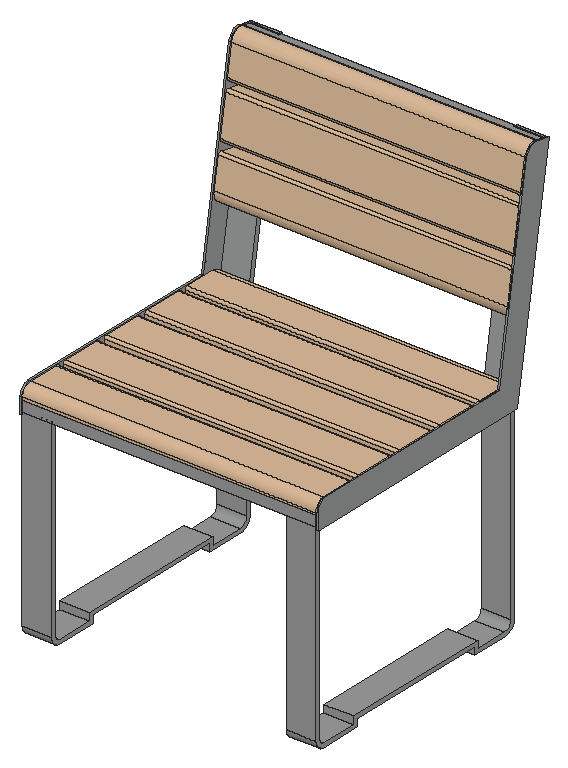
Revit family "1203-S-L", category Meble, Revit 2021
Family settings
  Numer OmniClass = 23.40.20.00
  Tytuł OmniClass = General Furniture and Specialties
  Oparty na płaszczyźnie roboczej = Nie
  Zawsze pionowo = Tak
  Tnij formami wycięć po wczytaniu = Nie
  Współdzielony = Nie
  Punkt obliczania pomieszczeń = Nie
Parameters (values of type "1203-S-L")
  wood = Mobilis Design Wood - Larch
  metal = Mobilis Design RAL 9023
  Width = "50  cm"
  Weight = "40 kg"
  URL = ""
  Seat height = "45 cm"
  Product line = "Tucana"
  Product Groups = ""
  Manufacturer = ""
  Keynote = ""
  Description = ""
  Model = "1203-S-L"
  Material = ""
  Maintenance = ""
  Lenght = "60 cm"
  Type Comments = ""
  Mobilis Design Materials = ""
  Hosted on = ""
  Height = "86 cm"
  Domyślna rzędna = 0 mm
  Copyright = "All designs and drawings are the common intellectual property of Lars Laj A/S and Tress and are protected by Danish and international copyright laws."
Reference planes
  plane 1 "front": y = 0
  plane 2: z = 0
  plane 3 "Środek (Lewa/Prawa)": x = 0
Forms (mm)
  Extrusion 1, solid, material "Mobilis Design Wood - Larch" <- "wood"
    sketch origin (0, -308.233, 21.46) x (0, 1, 0) y (0, 0, 1)
      loop
        arc (260.118, 430.04) -> (256.583, 428.576) -> (255.118, 425.04) r 5
        line (255.118, 425.04) -> (255.118, 388.972)
        arc (255.118, 388.972) -> (255.693, 387.586) -> (257.078, 387.012) r 1.96
        line (257.078, 387.012) -> (342.493, 387.012)
        arc (342.493, 387.012) -> (343.908, 387.598) -> (344.493, 389.012) r 2
        line (344.493, 389.012) -> (344.493, 425.04)
        arc (344.493, 425.04) -> (343.029, 428.576) -> (339.493, 430.04) r 5
        line (339.493, 430.04) -> (260.118, 430.04)
    from -295.625 to 295.625
  Extrusion 2, solid, material "Mobilis Design Wood - Larch" <- "wood"
    sketch origin (0, -410.683, 21.46) x (0, 1, 0) y (0, 0, 1)
      loop
        arc (260.118, 430.04) -> (256.583, 428.576) -> (255.118, 425.04) r 5
        line (255.118, 425.04) -> (255.118, 388.972)
        arc (255.118, 388.972) -> (255.693, 387.586) -> (257.078, 387.012) r 1.96
        line (257.078, 387.012) -> (342.493, 387.012)
        arc (342.493, 387.012) -> (343.908, 387.598) -> (344.493, 389.012) r 2
        line (344.493, 389.012) -> (344.493, 425.04)
        arc (344.493, 425.04) -> (343.029, 428.576) -> (339.493, 430.04) r 5
        line (339.493, 430.04) -> (260.118, 430.04)
    from -295.625 to 295.625
  Extrusion 3, solid, material "Mobilis Design Wood - Larch" <- "wood"
    sketch origin (0, -513.183, 21.46) x (0, 1, 0) y (0, 0, 1)
      loop
        arc (275.801, 430.04) -> (261.548, 424.097) -> (255.741, 409.787) r 20.061
        line (255.741, 409.787) -> (255.741, 405.469) -> (259.281, 405.469) -> (259.281, 387.013) -> (343.118, 387.013)
        arc (343.118, 387.013) -> (344.532, 387.598) -> (345.117, 389.012) r 1.999
        line (345.117, 389.012) -> (345.117, 425.043)
        arc (345.117, 425.043) -> (343.653, 428.577) -> (340.119, 430.04) r 4.998
        line (340.119, 430.04) -> (275.801, 430.04)
    from -295.625 to 295.625
  Extrusion 4, solid, material "Mobilis Design Wood - Larch" <- "wood"
    sketch origin (0, -205.683, 23.25) x (0, 1, 0) y (0, 0, 1)
      loop
        arc (260.118, 428.25) -> (256.583, 426.786) -> (255.118, 423.25) r 5
        line (255.118, 423.25) -> (255.118, 387.182)
        arc (255.118, 387.182) -> (255.693, 385.796) -> (257.078, 385.222) r 1.96
        line (257.078, 385.222) -> (342.493, 385.222)
        arc (342.493, 385.222) -> (343.908, 385.808) -> (344.493, 387.222) r 2
        line (344.493, 387.222) -> (344.493, 423.25)
        arc (344.493, 423.25) -> (343.029, 426.786) -> (339.493, 428.25) r 5
        line (339.493, 428.25) -> (260.118, 428.25)
    from -295.625 to 295.625
  Extrusion 5, solid, material "Mobilis Design Wood - Larch" <- "wood"
    sketch origin (0, 635.521, 450.045) x (0, 0.173648, 0.984808) y (0, -0.984808, 0.173648)
      loop
        arc (260.118, 430.036) -> (256.583, 428.571) -> (255.118, 425.036) r 5
        line (255.118, 425.036) -> (255.118, 389.305)
        arc (255.118, 389.305) -> (255.693, 387.919) -> (257.078, 387.345) r 1.96
        line (257.078, 387.345) -> (340.844, 387.345) -> (341.158, 405.34) -> (343.808, 405.34)
        arc (343.808, 405.34) -> (338.282, 422.627) -> (321.714, 430.036) r 22.231
        line (321.714, 430.036) -> (260.118, 430.036)
    from -295.625 to 295.625
  Extrusion 6, solid, material "Mobilis Design Wood - Larch" <- "wood"
    sketch origin (0, 617.45, 348.398) x (0, 0.173648, 0.984808) y (0, -0.984808, 0.173648)
      loop
        arc (260.118, 429.703) -> (256.583, 428.239) -> (255.118, 424.703) r 5
        line (255.118, 424.703) -> (255.118, 388.972)
        arc (255.118, 388.972) -> (255.693, 387.586) -> (257.078, 387.012) r 1.96
        line (257.078, 387.012) -> (342.493, 387.012)
        arc (342.493, 387.012) -> (343.908, 387.598) -> (344.493, 389.012) r 2
        line (344.493, 389.012) -> (344.493, 424.703)
        arc (344.493, 424.703) -> (343.029, 428.239) -> (339.493, 429.703) r 5
        line (339.493, 429.703) -> (260.118, 429.703)
    from -295.625 to 295.625
  Extrusion 7, solid, material "Mobilis Design RAL 9023" <- "metal", not visible
    sketch origin (0, 0, 0) x (0, 1, 0) y (0, 0, 1)
      loop
        arc (71.187, 451.5) -> (57.045, 445.642) -> (51.187, 431.5) r 20
        line (51.187, 431.5) -> (51.187, 18.231)
        arc (51.187, 18.231) -> (56.527, 5.34) -> (69.418, 0) r 18.231
        line (69.418, 0) -> (153.638, 0) -> (153.638, 15) -> (448.638, 15) -> (448.638, 0) -> (527.023, 0)
        arc (527.023, 0) -> (542.307, 6.331) -> (548.638, 21.615) r 21.615
        line (548.638, 21.615) -> (548.638, 429.407)
        arc (548.638, 429.407) -> (542.168, 445.029) -> (526.545, 451.5) r 22.093
        line (526.545, 451.5) -> (71.187, 451.5)
    from 750.378 to 745
  Extrusion 8, solid, material "Mobilis Design RAL 9023" <- "metal", not visible
    sketch origin (0, 0, 0) x (0, 1, 0) y (0, 0, 1)
      loop
        line (548.638, 396.844) -> (629.375, 854.725) -> (601.836, 859.581)
        arc (601.836, 859.581) -> (585.224, 855.898) -> (576.082, 841.547) r 22.232
        line (576.082, 841.547) -> (507.306, 451.5) -> (526.545, 451.5)
        arc (526.545, 451.5) -> (542.168, 445.029) -> (548.638, 429.407) r 22.093
        line (548.638, 429.407) -> (548.638, 396.844)
    from 745 to 750.378
  Extrusion 9, solid, material "Mobilis Design RAL 9023" <- "metal"
    sketch origin (449.375, -308.203, 0) x (0, -1, 0) y (0, 0, 1)
      loop
        line (-549.241, 400.262) -> (-51.187, 400.262) -> (-51.187, 431.5)
        arc (-51.187, 431.5) -> (-57.045, 445.642) -> (-71.187, 451.5) r 20
        line (-71.187, 451.5) -> (-507.306, 451.5) -> (-576.082, 841.547)
        arc (-576.082, 841.547) -> (-585.224, 855.898) -> (-601.836, 859.581) r 22.232
        line (-601.836, 859.581) -> (-629.375, 854.725) -> (-549.241, 400.262)
    from 745 to 748.976
  Extrusion 10, solid, material "Mobilis Design RAL 9023" <- "metal"
    sketch origin (0, -308.203, 0) x (0, 1, 0) y (0, 0, 1)
      loop
        line (548.638, 396.844) -> (629.375, 854.725) -> (621.989, 856.027) -> (541.138, 397.5) -> (541.138, 23.296)
        arc (541.138, 23.296) -> (536.512, 12.127) -> (525.342, 7.5) r 15.796
        line (525.342, 7.5) -> (456.138, 7.5) -> (456.138, 22.5) -> (146.138, 22.5) -> (146.138, 7.5) -> (69.95, 7.5)
        arc (69.95, 7.5) -> (61.986, 10.799) -> (58.687, 18.763) r 11.263
        line (58.687, 18.763) -> (58.687, 400.262) -> (538.687, 400.262) -> (538.687, 408.472) -> (51.187, 408.472) -> (51.187, 18.763)
        arc (51.187, 18.763) -> (56.683, 5.495) -> (69.95, 0) r 18.763
        line (69.95, 0) -> (153.638, 0) -> (153.638, 15) -> (448.638, 15) -> (448.638, 0) -> (525.342, 0)
        arc (525.342, 0) -> (541.815, 6.823) -> (548.638, 23.296) r 23.296
        line (548.638, 23.296) -> (548.638, 396.844)
    from -295.625 to -235.625
  Extrusion 11, solid, material "Mobilis Design RAL 9023" <- "metal"
    sketch origin (0, -308.203, 0) x (0, 1, 0) y (0, 0, 1)
      loop
        line (578.693, 567.292) -> (629.375, 854.725) -> (621.989, 856.027) -> (571.307, 568.594) -> (578.693, 567.292)
      loop
        line (548.09, 408.472) -> (58.09, 408.472) -> (58.09, 400.262) -> (548.09, 400.262) -> (548.09, 408.472)
    from -238.345 to -298.116
  Extrusion 12, solid, material "Mobilis Design RAL 9023" <- "metal"
    sketch origin (0, -308.203, 0) x (0, 1, 0) y (0, 0, -1)
      loop
        line (548.638, -396.844) -> (548.638, -23.296)
        arc (548.638, -23.296) -> (541.815, -6.823) -> (525.342, 0) r 23.296
        line (525.342, 0) -> (448.638, 0) -> (448.638, -15) -> (153.638, -15) -> (153.638, 0) -> (69.95, 0)
        arc (69.95, 0) -> (56.683, -5.495) -> (51.187, -18.763) r 18.763
        line (51.187, -18.763) -> (51.187, -408.472) -> (538.687, -408.472) -> (538.687, -400.262) -> (58.687, -400.262) -> (58.687, -18.763)
        arc (58.687, -18.763) -> (61.986, -10.799) -> (69.95, -7.5) r 11.263
        line (69.95, -7.5) -> (146.138, -7.5) -> (146.138, -22.5) -> (456.138, -22.5) -> (456.138, -7.5) -> (525.342, -7.5)
        arc (525.342, -7.5) -> (536.512, -12.127) -> (541.138, -23.296) r 15.796
        line (541.138, -23.296) -> (541.138, -397.5) -> (621.989, -856.027) -> (629.375, -854.725) -> (548.638, -396.844)
    from -295.625 to -235.625
  Extrusion 13, solid, material "Mobilis Design RAL 9023" <- "metal"
    sketch origin (0, -308.203, 0) x (0, 1, 0) y (0, 0, -1)
      loop
        line (578.693, -567.292) -> (571.307, -568.594) -> (621.989, -856.027) -> (629.375, -854.725) -> (578.693, -567.292)
      loop
        line (548.09, -408.472) -> (548.09, -400.262) -> (58.09, -400.262) -> (58.09, -408.472) -> (548.09, -408.472)
    from -238.345 to -298.116
  Extrusion 14, solid, material "Mobilis Design RAL 9023" <- "metal"
    sketch origin (0, -308.389, -0.127) x (0, 1, 0) y (0, 0, 1)
      loop
        line (624.848, 855.34) -> (604.709, 859.052) -> (604.207, 856.208) -> (621.46, 853.027) -> (617.522, 830.691) -> (620.213, 830.195) -> (624.848, 855.34)
    from -295.625 to 295.625
  Extrusion 15, solid, material "Mobilis Design Wood - Larch" <- "wood"
    sketch origin (0, 702.91, 833.629) x (0, -0.173648, -0.984808) y (0, 0.984808, -0.173648)
      loop
        line (260.118, -430.036) -> (321.714, -430.036)
        arc (321.714, -430.036) -> (338.282, -422.627) -> (343.808, -405.34) r 22.231
        line (343.808, -405.34) -> (341.158, -405.34) -> (340.844, -387.345) -> (257.078, -387.345)
        arc (257.078, -387.345) -> (255.693, -387.919) -> (255.118, -389.305) r 1.96
        line (255.118, -389.305) -> (255.118, -425.036)
        arc (255.118, -425.036) -> (256.583, -428.571) -> (260.118, -430.036) r 5
    from -295.625 to 295.625
  Extrusion 16, solid, material "Mobilis Design RAL 9023" <- "metal"
    sketch origin (0, -29.685, 1579.266) x (0, 0.939693, -0.34202) y (0, 0.34202, 0.939693)
      loop
        line (624.848, -855.34) -> (621.274, -835.952) -> (618.538, -836.456) -> (621.46, -853.027) -> (604.207, -856.208) -> (604.709, -859.052) -> (624.848, -855.34)
    from -295.625 to 295.625
  Extrusion 17, solid, material "Mobilis Design RAL 9023" <- "metal"
    sketch origin (0, 697.428, 865.125) x (0, -0.181284, -0.983431) y (0, 0.983431, -0.181284)
      loop
        line (624.848, -855.34) -> (621.274, -835.952) -> (618.538, -836.456) -> (621.589, -853.003) -> (603.488, -856.34) -> (603.99, -859.185) -> (624.848, -855.34)
    from -295.625 to 295.625
  Extrusion 18, solid, material "Mobilis Design Wood - Larch" <- "wood"
    sketch origin (0, 495.646, 21.796) x (0, -1, 0) y (0, 0, -1)
      loop
        line (275.801, -429.704) -> (340.119, -429.704)
        arc (340.119, -429.704) -> (343.653, -428.24) -> (345.117, -424.706) r 4.998
        line (345.117, -424.706) -> (345.117, -388.675)
        arc (345.117, -388.675) -> (344.532, -387.261) -> (343.118, -386.676) r 1.999
        line (343.118, -386.676) -> (258.566, -386.676) -> (258.566, -405.469) -> (255.741, -405.469) -> (255.741, -409.451)
        arc (255.741, -409.451) -> (261.548, -423.76) -> (275.801, -429.704) r 20.061
    from -295.625 to 295.625
  Extrusion 19, solid, material "Mobilis Design RAL 9023" <- "metal"
    sketch origin (0, -714.474, 865.125) x (0, 0.181284, -0.983431) y (0, 0.983431, 0.181284)
      loop
        line (624.848, 855.34) -> (603.631, 859.251) -> (603.107, 856.41) -> (621.589, 853.003) -> (618.538, 836.456) -> (621.274, 835.952) -> (624.848, 855.34)
    from -295.625 to 295.625
  Extrusion 20, solid, material "Mobilis Design RAL 9023" <- "metal"
    sketch origin (-449.375, -308.203, 0) x (0, -1, 0) y (0, 0, -1)
      loop
        line (-549.241, -400.262) -> (-629.375, -854.725) -> (-601.836, -859.581)
        arc (-601.836, -859.581) -> (-585.224, -855.898) -> (-576.082, -841.547) r 22.232
        line (-576.082, -841.547) -> (-507.306, -451.5) -> (-71.187, -451.5)
        arc (-71.187, -451.5) -> (-57.045, -445.642) -> (-51.187, -431.5) r 20
        line (-51.187, -431.5) -> (-51.187, -400.262) -> (-549.241, -400.262)
    from 745 to 749.059
Dimensions and locks
  Extrusion 1 sketch curve to Extrusion 1 sketch curve = 89.375 mm
  Extrusion 1 sketch curve to Extrusion 1 sketch curve = 43.028 mm
  Extrusion 2 sketch curve to Extrusion 2 sketch curve = 89.375 mm
  Extrusion 2 sketch curve to Extrusion 2 sketch curve = 43.028 mm
  Extrusion 3 sketch curve to Extrusion 3 sketch curve = 43.028 mm
  Extrusion 4 sketch curve to Extrusion 4 sketch curve = 89.375 mm
  Extrusion 4 sketch curve to Extrusion 4 sketch curve = 43.028 mm
  Extrusion 5 sketch curve to Extrusion 5 sketch curve = 42.691 mm
  Extrusion 6 sketch curve to Extrusion 6 sketch curve = 89.375 mm
  Extrusion 6 sketch curve to Extrusion 6 sketch curve = 42.691 mm
  Extrusion 15 sketch curve to Extrusion 15 sketch curve = 42.691 mm
  Extrusion 18 sketch curve to Extrusion 18 sketch curve = 43.028 mm
  aligned and locked: level to plane 2
